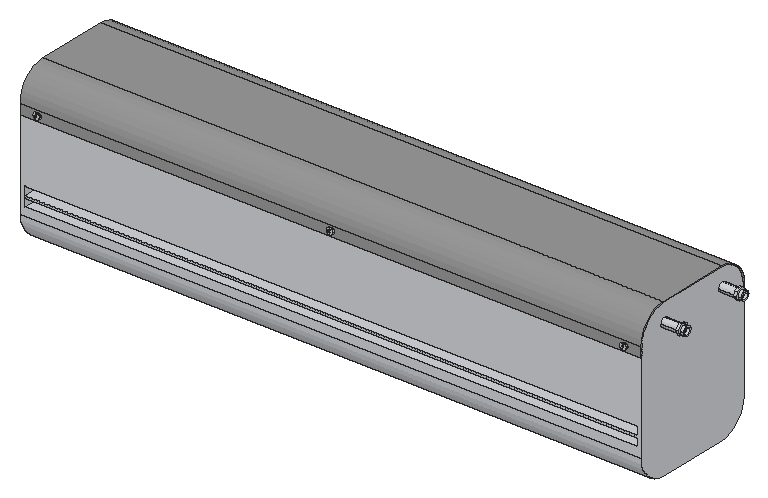
Revit family "Air-Curtain_Customer-Entry_PoweredAire_CLD-CHD-HWST", category Mechanical Equipment, host Face, Revit 2024
Family settings
  Host = Face
  Round Connector Dimension = Use Diameter
  Part Type = Normal
  OmniClass Number = 23.75.35.17.21
  OmniClass Title = Air Curtains
  Cut with Voids When Loaded = No
  Maintain Annotation Orientation = No
  Shared = No
  Room Calculation Point = No
Parameters
  upperpiperotation [instance] = if(Upper Pipe Connection Side A, 0.00°, 180.00°)  # 0.00°
  lowerpiperotation [instance] = if(Lower Pipe Connection Side A, 0.00°, 180.00°)  # 0.00°
  locateupperpipe [instance] = if(Upper Pipe Connection Side A, 0.00", Nozzle Width)  # 0.00"
  locatelowerpipe [instance] = if(Lower Pipe Connection Side A, 0.00", Nozzle Width)  # 0.00"
  Upper Pipe Connection Side A [instance] = yes
  Unit Width Notes = "Other Widths available."  # constant formula
  Unit Width = 73.00"
  Unit Weight = 0
  Unit Height = 15.00"
  Unit Depth = 18.30"
  URL = "http://www.poweredaire.com/"
  Specification = ""
  Projection from Host [instance] = 2.00"
  Product Page URL = "https://www.arcat.com/company/powered-aire-inc-47623"
  Power Rating = 0 W
  Piping_Water Flow [instance] = 0 GPM
  Piping_Operating Pressure [instance] = 0.00 psi
  Piping_Exit Temperature [instance] = 0 °F
  Piping_Entry Temperature [instance] = 0 °F
  Pipe OD [instance] = 5/8"
  Nozzle Width = if(1 = 1, Unit Width - 3.00", 0.00")  # 70.00"
  Mounting Width = if(1 = 1, Unit Width - 1.50", 0.00")  # 71.50"
  Mounting Height [instance] = 50.00"
  Motor RPM = 0
  Motor HP = 0
  Motor Count = 0
  Model = "CLD CHD HW ST"
  Max Height = 0.00"
  Manufacturer = "Powered Aire, Inc"
  Lower Pipe Connection Side A [instance] = yes
  Keynote = "23 34 33"
  Junction Height = 1.77"
  Include Clearance [instance] = yes
  Heating Element Load = 0 W
  HVAC_Temperature Rise = 0 °F
  HVAC_Outlet Volume = 0 CFM
  HVAC_Outlet Velocity Uniformity = 0
  HVAC_Outlet Velocity = 0 FPM
  HVAC_BTU Input = 0.0 Btu/h
  Front Grating Material [instance] = Metal - Steel - PoweredAire - White Perforated
  Frame Finish [instance] = Metal - Steel - PoweredAire - Stainless 304
  Electrical_Wattage [instance] = Power Rating + Heating Element Load  # 0 W
  Electrical_Voltage [instance] = 0 V
  Electrical_Phase [instance] = 1
  Electrical_Frequency [instance] = 0 Hz
  Electrical_Amperage [instance] = 0 A
  Description = ""
  Default Elevation = 0.00"  # constant formula
  Cover Finish [instance] = Metal - Steel - PoweredAire - White
  Copyright = "©Arcat Inc."
  Clearance Material [instance] = ARCAT Clearance
  CAD Details = ""
  Assembly Code = "D3090400"
Reference planes (in)
  plane 1 "Center (Elevation)": y = 8.13818
  plane 2: z = 0
  plane 3 "Center (Left/Right)": x = 0
  plane 4 "FF": y = -41.86182
  plane 5: z = 2
  plane 6: x = 36.5
  plane 7: x = -36.5
  plane 8: z = 20.3
  plane 9: y = 15.63818
  plane 10: z = 2.48
  plane 11: x = -36
  plane 12: x = 36
  plane 13: z = 2.36
  plane 14: y = 0.63818
  plane 15: y = 15.83818
  plane 16: y = 0.43818
  plane 17: y = 17.88818
  plane 18: y = 15.83818
  plane 19: y = 0.43818
  plane 20: y = 12.38818
  plane 21: y = 3.88818
  plane 22: z = 18.25
Forms (in)
  Extrusion 1, solid
    sketch origin (0, -2.225, 0) x (0, 1, 0) y (0, 0, 1)
      loop
        arc (17.86318, 17.05) -> (16.91127, 19.3481) -> (14.61318, 20.3) r 3.25
        line (14.61318, 20.3) -> (6.11318, 20.3)
        arc (6.11318, 20.3) -> (3.81508, 19.3481) -> (2.86318, 17.05) r 3.25
        line (2.86318, 17.05) -> (2.86318, 5.25)
        arc (2.86318, 5.25) -> (3.81508, 2.9519) -> (6.11318, 2) r 3.25
        line (6.11318, 2) -> (14.61318, 2)
        arc (14.61318, 2) -> (16.91127, 2.9519) -> (17.86318, 5.25) r 3.25
        line (17.86318, 5.25) -> (17.86318, 17.05)
    from -36.5 to 36.5
  Extrusion 2, solid, material "Circular Hatch"
    sketch origin (0, 0, 0) x (0, 1, 0) y (0, 0, 1)
      loop
        line (15.63818, 17.05) -> (15.63818, 15.86909) -> (15.71818, 15.86909) -> (15.71818, 17.05)
        arc (15.71818, 17.05) -> (14.74284, 19.40467) -> (12.38818, 20.38) r 3.33
        line (12.38818, 20.38) -> (3.88818, 20.38)
        arc (3.88818, 20.38) -> (1.53351, 19.40467) -> (0.55818, 17.05) r 3.33
        line (0.55818, 17.05) -> (0.55818, 15.86909) -> (0.63818, 15.86909) -> (0.63818, 17.05)
        arc (0.63818, 17.05) -> (1.59008, 19.3481) -> (3.88818, 20.3) r 3.25
        line (3.88818, 20.3) -> (12.38818, 20.3)
        arc (12.38818, 20.3) -> (14.68627, 19.3481) -> (15.63818, 17.05) r 3.25
    from -36.5 to 36.5
  Extrusion 3, void
    sketch origin (0, 3.875, 1.78) x (0, 1, 0) y (0, 0, 1)
      loop
        line (-3.23682, 5.5) -> (-3.23682, 4.5) -> (-1.48682, 4.5) -> (-1.48682, 6.75) -> (-3.23682, 6.75) -> (-3.23682, 5.75) -> (-1.73682, 5.75) -> (-1.73682, 5.5) -> (-3.23682, 5.5)
    from -36 to 36
  Extrusion 4, solid
    sketch origin (0, 8.13818, 0) x (1, 0, 0) y (0, 0, 1)
      loop
        line (-2, 8.44409) -> (2, 8.44409) -> (2, 12.44409) -> (-2, 12.44409) -> (-2, 8.44409)
      loop
        circle (1.9, 12.34409) r 0.05
      loop
        circle (-1.9, 8.54409) r 0.05
    from -9.75 to -7.5
  Extrusion 5, void
    sketch origin (0, 8.13818, 0) x (1, 0, 0) y (0, 0, 1)
      loop
        circle (35.8125, 15.23003) r 0.38
      loop
        circle (35.8125, 4.43003) r 0.38
      loop
        circle (-35.8125, 15.23003) r 0.38
      loop
        circle (-35.8125, 4.43003) r 0.38
    from -7.7 to -3.87526
  Extrusion 6, solid
    sketch origin (0, 11.51318, 1.88459) x (1, 0, 0) y (0, 0, 1)
      loop
        circle (-34.5, 14.60496) r 0.38
      loop
        circle (0, 14.60496) r 0.38
      loop
        circle (34.5, 14.60496) r 0.38
      loop
        line (-34.70441, 14.63496) -> (-34.70441, 14.57496) -> (-34.6172, 14.57496)
        arc (-34.6172, 14.57496) -> (-34.55554, 14.54941) -> (-34.53, 14.48775) r 0.0872
        line (-34.53, 14.48775) -> (-34.53, 14.40055) -> (-34.47, 14.40055) -> (-34.47, 14.48775)
        arc (-34.47, 14.48775) -> (-34.44446, 14.54941) -> (-34.3828, 14.57496) r 0.0872
        line (-34.3828, 14.57496) -> (-34.29559, 14.57496) -> (-34.29559, 14.63496) -> (-34.3828, 14.63496)
        arc (-34.3828, 14.63496) -> (-34.44446, 14.6605) -> (-34.47, 14.72216) r 0.0872
        line (-34.47, 14.72216) -> (-34.47, 14.80936) -> (-34.53, 14.80936) -> (-34.53, 14.72216)
        arc (-34.53, 14.72216) -> (-34.55554, 14.6605) -> (-34.6172, 14.63496) r 0.0872
        line (-34.6172, 14.63496) -> (-34.70441, 14.63496)
      loop
        line (-0.20441, 14.63496) -> (-0.20441, 14.57496) -> (-0.1172, 14.57496)
        arc (-0.1172, 14.57496) -> (-0.05554, 14.54941) -> (-0.03, 14.48775) r 0.0872
        line (-0.03, 14.48775) -> (-0.03, 14.40055) -> (0.03, 14.40055) -> (0.03, 14.48775)
        arc (0.03, 14.48775) -> (0.05554, 14.54941) -> (0.1172, 14.57496) r 0.0872
        line (0.1172, 14.57496) -> (0.20441, 14.57496) -> (0.20441, 14.63496) -> (0.1172, 14.63496)
        arc (0.1172, 14.63496) -> (0.05554, 14.6605) -> (0.03, 14.72216) r 0.0872
        line (0.03, 14.72216) -> (0.03, 14.80936) -> (-0.03, 14.80936) -> (-0.03, 14.72216)
        arc (-0.03, 14.72216) -> (-0.05554, 14.6605) -> (-0.1172, 14.63496) r 0.0872
        line (-0.1172, 14.63496) -> (-0.20441, 14.63496)
      loop
        line (34.29559, 14.63496) -> (34.29559, 14.57496) -> (34.3828, 14.57496)
        arc (34.3828, 14.57496) -> (34.44446, 14.54941) -> (34.47, 14.48775) r 0.0872
        line (34.47, 14.48775) -> (34.47, 14.40055) -> (34.53, 14.40055) -> (34.53, 14.48775)
        arc (34.53, 14.48775) -> (34.55554, 14.54941) -> (34.6172, 14.57496) r 0.0872
        line (34.6172, 14.57496) -> (34.70441, 14.57496) -> (34.70441, 14.63496) -> (34.6172, 14.63496)
        arc (34.6172, 14.63496) -> (34.55554, 14.6605) -> (34.53, 14.72216) r 0.0872
        line (34.53, 14.72216) -> (34.53, 14.80936) -> (34.47, 14.80936) -> (34.47, 14.72216)
        arc (34.47, 14.72216) -> (34.44446, 14.6605) -> (34.3828, 14.63496) r 0.0872
        line (34.3828, 14.63496) -> (34.29559, 14.63496)
    from 10.875 to 11.075
  Extrusion 7, solid
    sketch origin (0, 11.51318, 1.89414) x (1, 0, 0) y (0, 0, -1)
      loop
        circle (-34.5, -14.60496) r 0.38
      loop
        circle (0, -14.60496) r 0.38
      loop
        circle (34.5, -14.60496) r 0.38
      loop
        line (-34.70441, -14.63496) -> (-34.6172, -14.63496)
        arc (-34.6172, -14.63496) -> (-34.55554, -14.6605) -> (-34.53, -14.72216) r 0.0872
        line (-34.53, -14.72216) -> (-34.53, -14.80936) -> (-34.47, -14.80936) -> (-34.47, -14.72216)
        arc (-34.47, -14.72216) -> (-34.44446, -14.6605) -> (-34.3828, -14.63496) r 0.0872
        line (-34.3828, -14.63496) -> (-34.29559, -14.63496) -> (-34.29559, -14.57496) -> (-34.3828, -14.57496)
        arc (-34.3828, -14.57496) -> (-34.44446, -14.54941) -> (-34.47, -14.48775) r 0.0872
        line (-34.47, -14.48775) -> (-34.47, -14.40055) -> (-34.53, -14.40055) -> (-34.53, -14.48775)
        arc (-34.53, -14.48775) -> (-34.55554, -14.54941) -> (-34.6172, -14.57496) r 0.0872
        line (-34.6172, -14.57496) -> (-34.70441, -14.57496) -> (-34.70441, -14.63496)
      loop
        line (-0.20441, -14.63496) -> (-0.1172, -14.63496)
        arc (-0.1172, -14.63496) -> (-0.05554, -14.6605) -> (-0.03, -14.72216) r 0.0872
        line (-0.03, -14.72216) -> (-0.03, -14.80936) -> (0.03, -14.80936) -> (0.03, -14.72216)
        arc (0.03, -14.72216) -> (0.05554, -14.6605) -> (0.1172, -14.63496) r 0.0872
        line (0.1172, -14.63496) -> (0.20441, -14.63496) -> (0.20441, -14.57496) -> (0.1172, -14.57496)
        arc (0.1172, -14.57496) -> (0.05554, -14.54941) -> (0.03, -14.48775) r 0.0872
        line (0.03, -14.48775) -> (0.03, -14.40055) -> (-0.03, -14.40055) -> (-0.03, -14.48775)
        arc (-0.03, -14.48775) -> (-0.05554, -14.54941) -> (-0.1172, -14.57496) r 0.0872
        line (-0.1172, -14.57496) -> (-0.20441, -14.57496) -> (-0.20441, -14.63496)
      loop
        line (34.29559, -14.63496) -> (34.3828, -14.63496)
        arc (34.3828, -14.63496) -> (34.44446, -14.6605) -> (34.47, -14.72216) r 0.0872
        line (34.47, -14.72216) -> (34.47, -14.80936) -> (34.53, -14.80936) -> (34.53, -14.72216)
        arc (34.53, -14.72216) -> (34.55554, -14.6605) -> (34.6172, -14.63496) r 0.0872
        line (34.6172, -14.63496) -> (34.70441, -14.63496) -> (34.70441, -14.57496) -> (34.6172, -14.57496)
        arc (34.6172, -14.57496) -> (34.55554, -14.54941) -> (34.53, -14.48775) r 0.0872
        line (34.53, -14.48775) -> (34.53, -14.40055) -> (34.47, -14.40055) -> (34.47, -14.48775)
        arc (34.47, -14.48775) -> (34.44446, -14.54941) -> (34.3828, -14.57496) r 0.0872
        line (34.3828, -14.57496) -> (34.29559, -14.57496) -> (34.29559, -14.63496)
    from 4.125 to 4.325
Cuts and joins
  Extrusion 3, Extrusion 5 cuts Extrusion 1
Dimensions and locks (in)
  equal spacing: plane 7, plane 3 "Center (Left/Right)", plane 6
  "Unit Width": plane 7 to plane 6
  "Unit Depth": plane 8 to plane 5
  "Projection from Host": plane 5 to host face
  locked: plane 12 to plane 6 at 0.5
  locked: plane 7 to plane 11 at 0.5
  locked: plane 10 to plane 13 at 0.12
  equal spacing: plane 9, plane 1 "Center (Elevation)", plane 14
  locked: plane 15 to plane 9 at 0.2
  locked: plane 16 to plane 14 at 0.2
  Extrusion 3 sketch curve to Extrusion 3 sketch curve to Extrusion 3 sketch curve to Extrusion 3 sketch curve = 1.00" locked, 0.25" locked, 1.00" locked
  locked: plane 17 to plane 9 at 2.25
  "Mounting Height": plane 4 "FF" to plane 1 "Center (Elevation)"
  locked: plane 18 to plane 9 at 0.2
  locked: plane 19 to plane 14 at 0.2
  locked: plane 9 to plane 20 at 3.25
  "Unit Height": plane 14 to plane 9
  locked: plane 21 to plane 14 at 3.25
  locked: plane 8 to plane 22 at 2.05
  aligned and locked: plane 2 to host face
  aligned and locked: level to host face
  aligned and locked: Extrusion 1 to plane 7
  aligned and locked: plane 6 to Extrusion 1
  aligned and locked: plane 8 to Extrusion 1
  aligned and locked: Extrusion 2 to Extrusion 1
  aligned and locked: Extrusion 1 to Extrusion 2
  aligned and locked: Extrusion 1 to plane 5
  aligned and locked: Extrusion 2 to plane 7
  aligned and locked: plane 14 to Extrusion 1
  aligned and locked: Extrusion 4 to cut or joined group of Extrusion 1, Extrusion 3, Extrusion 5
  aligned and locked: Extrusion 4 to plane 17
  aligned and locked: Extrusion 4 to plane 9
  aligned and locked: plane 18 to Extrusion 7
  aligned and locked: plane 19 to Extrusion 6
  aligned and locked: Extrusion 7 to plane 9
  aligned and locked: Extrusion 6 to plane 14
  aligned and locked: Extrusion 6 to plane 19
  aligned and locked: plane 9 to Extrusion 7
  aligned and locked: Extrusion 7 to plane 18
  aligned and locked: plane 20 to nested 2
  aligned and locked: plane 21 to nested 1
  aligned and locked: plane 12 to cut or joined group of Extrusion 1, Extrusion 3, Extrusion 5
  aligned and locked: cut or joined group of Extrusion 1, Extrusion 3, Extrusion 5 to plane 11
  aligned and locked: plane 14 to cut or joined group of Extrusion 1, Extrusion 3, Extrusion 5
  aligned and locked: plane 9 to Extrusion 1
  aligned and locked: Extrusion 1 to Extrusion 3
  aligned and locked: Extrusion 5 to plane 15
  aligned and locked: plane 22 to nested 2
  aligned and locked: plane 22 to nested 1
Automatic sketch dimensions
  host sketch curve to host sketch curve = 123.22671"
  host sketch curve to host sketch curve = 96.00"
  Extrusion 2 sketch curve to Extrusion 2 sketch curve = 0.00"  (x4)
  Extrusion 2 sketch curve to plane 14 = 0.00"
  Extrusion 2 sketch curve to plane 21 = 0.00"
  Extrusion 2 sketch curve to plane 20 = 0.00"
  Extrusion 2 sketch curve to plane 9 = 0.00"
  Extrusion 2 sketch curve to plane 8 = 0.00"
  plane 14 to Extrusion 2 sketch curve = 0.08"
  Extrusion 2 sketch curve to Extrusion 2 sketch curve = 1.18091"  (x2)
  Extrusion 3 sketch curve to plane 14 = 0.00"  (x2)
  Extrusion 3 sketch curve to Extrusion 3 sketch curve = 1.50"
  Extrusion 3 sketch curve to Extrusion 3 sketch curve = 0.25"
  plane 10 to Extrusion 3 sketch curve = 3.80"
  Extrusion 6 sketch curve to plane 3 "Center (Left/Right)" = 0.00"
  Extrusion 6 sketch curve to plane 3 "Center (Left/Right)" = 0.03"  (x2)
  Extrusion 6 sketch curve to Extrusion 6 sketch curve = 0.0872"  (x25)
  plane 11 to Extrusion 6 sketch curve = 1.70441"
  Extrusion 6 sketch curve to Extrusion 6 sketch curve = 0.00"  (x3)
  Extrusion 6 sketch curve to Extrusion 6 sketch curve = 0.03"  (x5)
  Extrusion 6 sketch curve to Extrusion 6 sketch curve = 0.06"  (x10)
  plane 3 "Center (Left/Right)" to Extrusion 6 sketch curve = 0.03"  (x2)
  Extrusion 6 sketch curve to plane 12 = 1.70441"
  Extrusion 6 sketch curve to Extrusion 6 sketch curve = 0.1172"
  Extrusion 6 sketch curve to plane 8 = 4.01486"  (x3)
  Extrusion 7 sketch curve to plane 3 "Center (Left/Right)" = 0.00"
  Extrusion 7 sketch curve to plane 3 "Center (Left/Right)" = 0.03"  (x2)
  Extrusion 7 sketch curve to Extrusion 7 sketch curve = 0.0872"  (x24)
  plane 11 to Extrusion 7 sketch curve = 1.70441"
  Extrusion 7 sketch curve to Extrusion 7 sketch curve = 0.00"  (x4)
  Extrusion 7 sketch curve to Extrusion 7 sketch curve = 0.03"  (x3)
  Extrusion 7 sketch curve to Extrusion 7 sketch curve = 0.06"  (x10)
  plane 3 "Center (Left/Right)" to Extrusion 7 sketch curve = 0.03"  (x2)
  Extrusion 7 sketch curve to plane 12 = 1.70441"
  Extrusion 7 sketch curve to Extrusion 7 sketch curve = 0.1172"  (x3)
  Extrusion 7 sketch curve to plane 8 = 3.5965"  (x3)
  Extrusion 1 sketch curve to plane 14 = 0.00"
  Extrusion 1 sketch curve to plane 5 = 0.00"
  Extrusion 1 sketch curve to plane 8 = 0.00"
  Extrusion 1 sketch curve to plane 21 = 0.00"  (x2)
  Extrusion 1 sketch curve to plane 20 = 0.00"  (x2)
  Extrusion 1 sketch curve to plane 9 = 0.00"
  plane 11 to Extrusion 5 sketch curve = 0.1875"  (x2)
  Extrusion 5 sketch curve to plane 12 = 0.1875"  (x2)
  plane 10 to Extrusion 5 sketch curve = 1.95003"  (x2)
  Extrusion 5 sketch curve to plane 8 = 5.06997"  (x2)
  Extrusion 4 sketch curve to plane 3 "Center (Left/Right)" = 2.00"
  Extrusion 4 sketch curve to Extrusion 4 sketch curve = 0.10"  (x3)
  plane 3 "Center (Left/Right)" to Extrusion 4 sketch curve = 1.90"
  plane 3 "Center (Left/Right)" to Extrusion 4 sketch curve = 2.00"
  plane 10 to Extrusion 4 sketch curve = 5.96409"
  Extrusion 4 sketch curve to Extrusion 4 sketch curve = 3.90"
  radius of Extrusion 6 sketch curve = 0.38"  (x3)
  radius of Extrusion 7 sketch curve = 0.38"  (x3)
  radius of Extrusion 5 sketch curve = 0.38"  (x4)
  radius of Extrusion 4 sketch curve = 0.05"  (x2)
Nested families (in)
  nested 1: "Valve" at (36.5, 3.88818, 30.90595) x (0, 1, 0) z (1, 0, 0), type "Valve"
    with upperpiperotation 0.00°, lowerpiperotation 0.00°, locateupperpipe 0.00", locatelowerpipe 0.00", Upper Pipe Connection Side A yes, Projection from Host 4.00", Piping_Water Flow 0 GPM, Piping_Operating Pressure 0.00 psi, Piping_Exit Temperature 0 °F, Piping_Entry Temperature 0 °F, Pipe OD 5/8", Mounting Height 42.00", Lower Pipe Connection Side A yes, Include Clearance yes, Front Grating Material Metal - Steel - PoweredAire - White Perforated, Frame Finish Metal - Steel - PoweredAire - Stainless 304, Electrical_Wattage 0 W, Electrical_Voltage 0 V, Electrical_Phase 1, Electrical_Frequency 0 Hz, Electrical_Amperage 0 A, Cover Finish Metal - Steel - PoweredAire - White, Clearance_Top 0.00", Clearance_Side B 0.00", Clearance_Side A 0.00", Clearance_Intake 0.00", Clearance_Front 43.00", Clearance Material ARCAT Clearance
  nested 2: "Valve" at (36.5, 12.38818, 30.90595) x (0, -1, 0) z (1, 0, 0), type "Valve"
    with upperpiperotation 0.00°, lowerpiperotation 0.00°, locateupperpipe 0.00", locatelowerpipe 0.00", Upper Pipe Connection Side A yes, Projection from Host 4.00", Piping_Water Flow 0 GPM, Piping_Operating Pressure 0.00 psi, Piping_Exit Temperature 0 °F, Piping_Entry Temperature 0 °F, Pipe OD 5/8", Mounting Height 42.00", Lower Pipe Connection Side A yes, Include Clearance yes, Front Grating Material Metal - Steel - PoweredAire - White Perforated, Frame Finish Metal - Steel - PoweredAire - Stainless 304, Electrical_Wattage 0 W, Electrical_Voltage 0 V, Electrical_Phase 1, Electrical_Frequency 0 Hz, Electrical_Amperage 0 A, Cover Finish Metal - Steel - PoweredAire - White, Clearance_Top 0.00", Clearance_Side B 0.00", Clearance_Side A 0.00", Clearance_Intake 0.00", Clearance_Front 43.00", Clearance Material ARCAT Clearance
Definition of nested family "Valve"
  Parameters (values of type "Valve")
    upperpiperotation [instance] = if(Upper Pipe Connection Side A, 0.00°, 180.00°)  # 0.00°
    lowerpiperotation [instance] = if(Lower Pipe Connection Side A, 0.00°, 180.00°)  # 0.00°
    locateupperpipe [instance] = if(Upper Pipe Connection Side A, 0.00", Nozzle Width)  # 0.00"
    locatelowerpipe [instance] = if(Lower Pipe Connection Side A, 0.00", Nozzle Width)  # 0.00"
    Upper Pipe Connection Side A [instance] = yes
    Unit Width Notes = "Other Widths available."  # constant formula
    Unit Width = 73.00"
    Unit Weight = 0
    Unit Height = 15.00"
    Unit Depth = 17.00"
    URL = "http://www.poweredaire.com/"
    Specification = ""
    Projection from Host [instance] = 4.00"
    Product Page URL = "https://www.arcat.com/company/powered-aire-inc-47623"
    Power Rating = 0 W
    Piping_Water Flow [instance] = 0 GPM
    Piping_Operating Pressure [instance] = 0.00 psi
    Piping_Exit Temperature [instance] = 0 °F
    Piping_Entry Temperature [instance] = 0 °F
    Pipe OD [instance] = 5/8"
    Nozzle Width = if(1 = 1, Unit Width - 3.00", 0.00")  # 70.00"
    Mounting Width = if(1 = 1, Unit Width - 1.50", 0.00")  # 71.50"
    Mounting Height [instance] = 42.00"
    Motor RPM = 0
    Motor HP = 0
    Motor Count = 0
    Model = "CLD CHD HW ST"
    Max Height = 0.00"
    Manufacturer = "Powered Aire, Inc"
    Lower Pipe Connection Side A [instance] = yes
    Keynote = "23 34 33"
    Junction Height = 1.77"
    Include Clearance [instance] = yes
    Heating Element Load = 0 W
    HVAC_Temperature Rise = 0 °F
    HVAC_Outlet Volume = 0 CFM
    HVAC_Outlet Velocity Uniformity = 0
    HVAC_Outlet Velocity = 0 FPM
    HVAC_BTU Input = 0.0 Btu/h
    Front Grating Material [instance] = none
    Frame Finish [instance] = none
    Electrical_Wattage [instance] = Power Rating + Heating Element Load  # 0 W
    Electrical_Voltage [instance] = 0 V
    Electrical_Phase [instance] = 1
    Electrical_Frequency [instance] = 0 Hz
    Electrical_Amperage [instance] = 0 A
    Description = ""
    Default Elevation = 0.00"  # constant formula
    Cover Finish [instance] = none
    Copyright = "©Arcat Inc."
    Clearance_Top [instance] = 0.00"
    Clearance_Side B [instance] = 0.00"
    Clearance_Side A [instance] = 0.00"
    Clearance_Intake [instance] = 0.00"
    Clearance_Front [instance] = 43.00"
    Clearance Material [instance] = none
    CAD Details = ""
    Assembly Code = "D3090400"
  Reference planes (in)
    plane 1 "Center (Elevation)": y = -12.65595
    plane 2: z = 0
    plane 3 "Center (Left/Right)": x = 0
  Forms (in)
    Extrusion 1, solid
      sketch origin (0, 0, 0) x (1, 0, 0) y (0, 1, 0)
        loop
          line (-60, 48) -> (-60, -48) -> (63.22671, -48) -> (63.22671, 48) -> (-60, 48)
      from 0 to -12
    Extrusion 2, solid
      sketch origin (0, 0, 0) x (1, 0, 0) y (0, 1, 0)
        loop
          circle (0, -12.65595) r 0.45
        loop
          circle (0, -12.65595) r 0.5
      from 0 to 2.75
    Extrusion 3, solid
      sketch origin (0, 0, 0) x (1, 0, 0) y (0, 1, 0)
        loop
          line (0.64691, -12.82929) -> (0.47357, -12.18238) -> (-0.17334, -12.00904) -> (-0.64691, -12.48261) -> (-0.47357, -13.12952) -> (0.17334, -13.30286) -> (0.64691, -12.82929)
        loop
          circle (0, -12.65595) r 0.5
      from 1.99342 to 2.31497
  Dimensions and locks (in)
    aligned and locked: plane 2 to Extrusion 1
    aligned and locked: level to Extrusion 1
